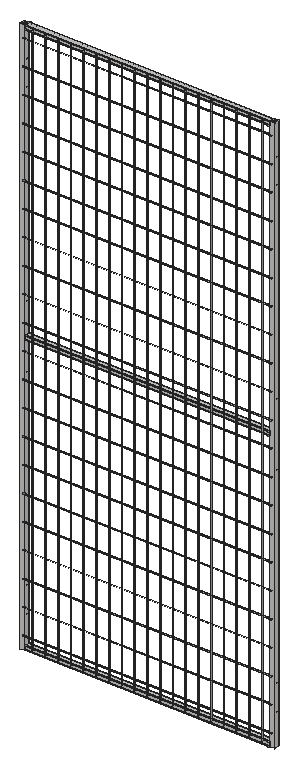
Revit family "conv_troax_wall_separator_ur300", category Möbel, Revit 2017
Family settings
  OmniClass-Nummer = 23.25.40.00
  OmniClass-Titel = Space Division Products
  Arbeitsebenenbasiert = Nein
  Immer vertikal = Ja
  Beim Laden mit Abzugskörper schneiden = Nein
  Gemeinsam genutzt = Nein
  Raumberechnungspunkt = Nein
Parameters (values of type "Mesh Panel UR 300 1000mm")
  WarrantyStartDate [instance] = "n/a"
  WarrantyGuarantorParts = "n/a"
  WarrantyGuarantorLabor = "n/a"
  WarrantyDurationUnit = "Year"
  WarrantyDurationParts = "n/a"
  WarrantyDurationLabor = "n/a"
  WarrantyDescription = "n/a"
  WallType = ur300 1000 : ur300 1000
  WallPanelMainMaterial = Steel, Carbon
  VersionDate = "09/11/2018"  # constant formula
  Version = "1"  # constant formula
  Uniclass2015Reference = "Pr_25_71_57_60"
  Uniclass2015Description = "Partition panels"
  Uniclass2 = "Pr_25_71_57_60"
  URL = "https://www.troax.com/warehouse-partitioning/warehouse-partitions-and-industrial-partitions#qt-related-product-index=1"
  Type Comments = ""
  TagNumber [instance] = "n/a"
  SustainabilityPerformance = "n/a"
  Size = "21x2200x1000 mm"
  Shape = "Sculptured"
  SerialNumber [instance] = "n/a"
  Revision = "n/a"
  ReplacementCost = "n/a"
  ProductInformation = "The UR300 panel system from Troax is a light-duty, modular mesh system that is suitable for creating added storage within a well protected environment. The system is ideal for creating inner partioning walls or roof within a secure storage application when used in conjunction with the Troax UX 350 & 450 panels."
  ProductDatasheet = "https://www.troax.com/sites/all/files/files/troax_-_ur_300_pp_-_2013-09-25_0.pdf"
  NominalWidth = 1000 mm
  NominalHeight = 2200 mm
  NominalDepth = 21 mm
  Name = "Wall_Separator_UR300_1000"
  NBSReference = "45-35-80/420"
  NBSDescription = "Panel partitions"
  ModelReference = "n/a"
  ModelNumber = "n/a"
  Material = "Carbon steel"
  ManufacturerURL = "https://www.troax.com/gb"
  ManufacturerName = "Troax"
  Modell = "Mesh Panel UR 300 1000mm"
  Hersteller = "Troax"
  MainColor = "Grey"
  InstallationDate [instance] = "n/a"
  IfcExportType = "FENCE"  # constant formula
  IfcExportAs = "IfcSystemFurnitureElementTypePanel"  # constant formula
  HasOpening = yes
  Grade = "n/a"
  FurniturePanelType = ""
  Finish = "Powder coated as standard with a grey RAL 7037 finish. However other RAL colors are available upon request. Panels can also be supplied hot dip galvanized for external use or in cold storage areas."
  Features = "Mesh panels can be modified on-site to fit any space; panels are constructed with a tubular welded frame that provides added strength; the system is fully demountable and relocatable"
  ExpectedLife = "n/a"
  DurationUnit = "Year"
  Beschreibung = "Troax Classic is an excellent choice of mesh partition for storage spaces in apartment buildings, cellars and attics that already have exterior protection or where there is a low risk of tampering. The mesh panels allow light and air to pass freely, and the opportunity to \"see around the corner\" gives a sense of security. It is also possible to quickly detect and extinguish any fires directly through the mesh partitions. The threshold-less door system is based on the same leaf as Troax Medium."
  Kosten = 0
  ConvergoRefNr = "0054-1811-0005-SE"
  Constituents = "Cut profile: various length to use after cut height on site; End profile UR/UX L=2200 to use after cut panel length on site; U-profile UR 19x19x2200 various length to use after cut on site"
  Color = "Grey"
  CodePerformance = "n/a"
  Barcode [instance] = "n/a"
  AssetIdentifier [instance] = "n/a"
  Category = "Mesh partitions"
  Brand = "Troax"
  Author = "Convergo AB"  # constant formula
  AssetType = "Fixed"
  AccessibilityPerformance = "n/a"
Types (8, lengths in mm): name | WallType | URL | Size | NominalWidth | NominalDepth | Name | ManufacturerURL | Modell | ConvergoRefNr
  (no name) | ur300 1000 : ur300 1000 | "https://www.troax.com/warehouse-partitioning/warehouse-partitions-and-industrial-partitions#qt-related-product-index=1" | "21x2200x1000 mm" | 1000 | 21 | "Wall_Separator_UR300_1000" | "https://www.troax.com/gb" | "Mesh Panel UR 300 1000mm" | "0054-1811-0005-SE"
  Mesh Panel UR 300 200mm | ur300 200 : ur300 200 | "https://www.troax.com/warehouse-partitioning/warehouse-partitions-and-industrial-partitions#qt-related-product-index=1" | "21x2200x200 mm" | 200 | 21 | "Wall_Separator_UR300_200" | "https://www.troax.com/gb" | "Mesh Panel UR 300 200mm" | "0054-1811-0001-SE"
  Mesh Panel UR 300 300mm | ur300 300 : ur300 300 | "https://www.troax.com/warehouse-partitioning/warehouse-partitions-and-industrial-partitions#qt-related-product-index=1" | "21x2200x300 mm" | 300 | 21 | "Wall_Separator_UR300_300" | "https://www.troax.com/gb" | "Mesh Panel UR 300 300mm" | "0054-1811-0002-SE"
  Mesh Panel UR 300 700mm | ur300 700 : ur300 700 | "https://www.troax.com/ro/warehouse-partitioning/warehouse-partitions-and-industrial-partitions#qt-related-product-index=1" | "21x2200x700 mm" | 700 | 21 | "Wall_Separator_UR300_700" | "https://www.troax.com/" | "Mesh Panel UR 300 700mm" | "0054-1811-0003-SE"
  Mesh Panel UR 300 800mm | ur300 800 : ur300 800 | "https://www.troax.com/warehouse-partitioning/warehouse-partitions-and-industrial-partitions#qt-related-product-index=1" | "21x2200x800 mm" | 800 | 21 | "Wall_Separator_UR300_800" | "https://www.troax.com/gb" | "Mesh Panel UR 300 800mm" | "0054-1811-0004-SE"
  Mesh Panel UR 300 1000mm | ur300 1000 : ur300 1000 | "https://www.troax.com/warehouse-partitioning/warehouse-partitions-and-industrial-partitions#qt-related-product-index=1" | "21x2200x1000 mm" | 1000 | 21 | "Wall_Separator_UR300_1000" | "https://www.troax.com/gb" | "Mesh Panel UR 300 1000mm" | "0054-1811-0005-SE"
  Mesh Panel UR 300 1200mm | ur300 1200 : ur300 1200 | "https://www.troax.com/warehouse-partitioning/warehouse-partitions-and-industrial-partitions#qt-related-product-index=1" | "21x2200x1200 mm" | 1200 | 21 | "Wall_Separator_UR300_1200" | "https://www.troax.com/gb" | "Mesh Panel UR 300 1200mm" | "0054-1811-0006-SE"
  Mesh Panel UR 300 1500mm | ur300 1500 : ur300 1500 | "https://www.troax.com/warehouse-partitioning/warehouse-partitions-and-industrial-partitions#qt-related-product-index=1" | "21x2200x1500 mm" | 1500 | 20.8 | "Wall_Separator_UR300_1500" | "https://www.troax.com/gb" | "Mesh Panel UR 300 1500mm" | "0054-1811-0007-SE"
Reference planes
  plane 1 "Center (Front/Back)": y = 0
  plane 2: z = 0
  plane 3 "Center (Left/Right)": x = 0
  plane 4: x = -500
  plane 5: x = 500
  plane 6: y = 10.8
  plane 7: y = -10.2
  plane 8: z = 2200
Dimensions and locks
  "NominalDepth": plane 6 to plane 7
  equal spacing: plane 4, plane 3 "Center (Left/Right)", plane 5
  "NominalWidth": plane 4 to plane 5
  "NominalHeight": plane 8 to level
  aligned and locked: level to plane 2
Nested families
  nested 1: "ur300 1000" at (0, 0.05, 0), type <- "WallType", MeshMaterial <- "WallPanelMainMaterial", type "ur300 1000"
    with MeshMaterial Steel, Carbon
Definition of nested family "ur300 1000"
  Parameters (values of type "ur300 1000")
    MeshMaterial [instance] = none
  Reference planes
    plane 1 "Center (Front/Back)": y = 0
    plane 2: z = 0
    plane 3 "Center (Left/Right)": x = 0
    plane 4: x = 500
    plane 5: x = -500
    plane 6: y = 10.75
    plane 7: y = -10
    plane 8: z = 2200
  Forms (mm)
    Extrusion 1, solid, material <- "MeshMaterial", detail levels medium+fine
      sketch origin (0, 0.7, 0) x (1, 0, 0) y (0, 1, 0)
        loop
          circle (-50, -9.45) r 1.25
        loop
          circle (0, -9.45) r 1.25
        loop
          circle (50, -9.45) r 1.25
        loop
          circle (-100, -9.45) r 1.25
        loop
          circle (100, -9.45) r 1.25
        loop
          circle (-150, -9.45) r 1.25
        loop
          circle (-200, -9.45) r 1.25
        loop
          circle (-250, -9.45) r 1.25
        loop
          circle (-300, -9.45) r 1.25
        loop
          circle (150, -9.45) r 1.25
        loop
          circle (200, -9.45) r 1.25
        loop
          circle (250, -9.45) r 1.25
        loop
          circle (300, -9.45) r 1.25
        loop
          circle (-350, -9.45) r 1.25
        loop
          circle (350, -9.45) r 1.25
        loop
          circle (-400, -9.45) r 1.25
        loop
          circle (-450, -9.45) r 1.25
        loop
          circle (400, -9.45) r 1.25
        loop
          circle (450, -9.45) r 1.25
      from 10 to 2190
    Extrusion 2, solid, material <- "MeshMaterial", detail levels medium+fine
      sketch origin (0, 0.7, 0) x (0, 1, 0) y (0, 0, 1)
        loop
          arc (-9.75, 2150) -> (-7.709, 2149.032) -> (-8.25, 2151.225) r 1.25
          arc (-8.25, 2151.225) -> (-9.291, 2150.968) -> (-9.75, 2150) r 1.25
        loop
          arc (-9.75, 2050) -> (-7.709, 2049.032) -> (-8.25, 2051.225) r 1.25
          arc (-8.25, 2051.225) -> (-9.291, 2050.968) -> (-9.75, 2050) r 1.25
        loop
          arc (-9.75, 1950) -> (-7.709, 1949.032) -> (-8.25, 1951.225) r 1.25
          arc (-8.25, 1951.225) -> (-9.291, 1950.968) -> (-9.75, 1950) r 1.25
        loop
          arc (-9.75, 1850) -> (-7.709, 1849.032) -> (-8.25, 1851.225) r 1.25
          arc (-8.25, 1851.225) -> (-9.291, 1850.968) -> (-9.75, 1850) r 1.25
        loop
          arc (-9.75, 1750) -> (-7.709, 1749.032) -> (-8.25, 1751.225) r 1.25
          arc (-8.25, 1751.225) -> (-9.291, 1750.968) -> (-9.75, 1750) r 1.25
        loop
          arc (-9.75, 1650) -> (-7.709, 1649.032) -> (-8.25, 1651.225) r 1.25
          arc (-8.25, 1651.225) -> (-9.291, 1650.968) -> (-9.75, 1650) r 1.25
        loop
          arc (-9.75, 1550) -> (-7.709, 1549.032) -> (-8.25, 1551.225) r 1.25
          arc (-8.25, 1551.225) -> (-9.291, 1550.968) -> (-9.75, 1550) r 1.25
        loop
          arc (-9.75, 1450) -> (-7.709, 1449.032) -> (-8.25, 1451.225) r 1.25
          arc (-8.25, 1451.225) -> (-9.291, 1450.968) -> (-9.75, 1450) r 1.25
        loop
          arc (-9.75, 1350) -> (-7.709, 1349.032) -> (-8.25, 1351.225) r 1.25
          arc (-8.25, 1351.225) -> (-9.291, 1350.968) -> (-9.75, 1350) r 1.25
        loop
          arc (-9.75, 1250) -> (-7.709, 1249.032) -> (-8.25, 1251.225) r 1.25
          arc (-8.25, 1251.225) -> (-9.291, 1250.968) -> (-9.75, 1250) r 1.25
        loop
          arc (-9.75, 1150) -> (-7.709, 1149.032) -> (-8.25, 1151.225) r 1.25
          arc (-8.25, 1151.225) -> (-9.291, 1150.968) -> (-9.75, 1150) r 1.25
        loop
          arc (-9.75, 1050) -> (-7.709, 1049.032) -> (-8.25, 1051.225) r 1.25
          arc (-8.25, 1051.225) -> (-9.291, 1050.968) -> (-9.75, 1050) r 1.25
        loop
          arc (-9.75, 950) -> (-7.709, 949.032) -> (-8.25, 951.225) r 1.25
          arc (-8.25, 951.225) -> (-9.291, 950.968) -> (-9.75, 950) r 1.25
        loop
          arc (-9.75, 850) -> (-7.709, 849.032) -> (-8.25, 851.225) r 1.25
          arc (-8.25, 851.225) -> (-9.291, 850.968) -> (-9.75, 850) r 1.25
        loop
          arc (-9.75, 750) -> (-7.709, 749.032) -> (-8.25, 751.225) r 1.25
          arc (-8.25, 751.225) -> (-9.291, 750.968) -> (-9.75, 750) r 1.25
        loop
          arc (-9.75, 650) -> (-7.709, 649.032) -> (-8.25, 651.225) r 1.25
          arc (-8.25, 651.225) -> (-9.291, 650.968) -> (-9.75, 650) r 1.25
        loop
          arc (-9.75, 550) -> (-7.709, 549.032) -> (-8.25, 551.225) r 1.25
          arc (-8.25, 551.225) -> (-9.291, 550.968) -> (-9.75, 550) r 1.25
        loop
          arc (-9.75, 450) -> (-7.709, 449.032) -> (-8.25, 451.225) r 1.25
          arc (-8.25, 451.225) -> (-9.291, 450.968) -> (-9.75, 450) r 1.25
        loop
          arc (-9.75, 350) -> (-7.709, 349.032) -> (-8.25, 351.225) r 1.25
          arc (-8.25, 351.225) -> (-9.291, 350.968) -> (-9.75, 350) r 1.25
        loop
          arc (-9.75, 250) -> (-7.709, 249.032) -> (-8.25, 251.225) r 1.25
          arc (-8.25, 251.225) -> (-9.291, 250.968) -> (-9.75, 250) r 1.25
        loop
          arc (-9.75, 150) -> (-7.709, 149.032) -> (-8.25, 151.225) r 1.25
          arc (-8.25, 151.225) -> (-9.291, 150.968) -> (-9.75, 150) r 1.25
        loop
          arc (-9.75, 50) -> (-7.709, 49.032) -> (-8.25, 51.225) r 1.25
          arc (-8.25, 51.225) -> (-9.291, 50.968) -> (-9.75, 50) r 1.25
      from -490 to 490
    Extrusion 3, solid, material <- "MeshMaterial", detail levels medium+fine
      sketch origin (-400, 0, 0) x (1, 0, 0) y (0, 1, 0)
        loop
          line (-100, 9.45) -> (-100, -6.95)
          arc (-100, -6.95) -> (-99.619, -7.869) -> (-98.7, -8.25) r 1.3
          line (-98.7, -8.25) -> (-82.3, -8.25)
          arc (-82.3, -8.25) -> (-81.381, -7.869) -> (-81, -6.95) r 1.3
          line (-81, -6.95) -> (-81, 9.45)
          arc (-81, 9.45) -> (-81.381, 10.369) -> (-82.3, 10.75) r 1.3
          line (-82.3, 10.75) -> (-98.7, 10.75)
          arc (-98.7, 10.75) -> (-99.619, 10.369) -> (-100, 9.45) r 1.3
        loop
          line (-82, 9.75) -> (-99, 9.75) -> (-99, -7.25) -> (-82, -7.25) -> (-82, 9.75)
      from 0 to 2200
    Extrusion 4, solid, material <- "MeshMaterial", detail levels medium+fine
      sketch origin (0, 0, -1090.5) x (0, 1, 0) y (0, 0, 1)
        loop
          line (9.45, 2200) -> (-7.05, 2200)
          arc (-7.05, 2200) -> (-8.263, 2198.25) -> (-7.05, 2196.5) r 1.869
          line (-7.05, 2196.5) -> (-7.05, 2184.5)
          arc (-7.05, 2184.5) -> (-8.251, 2182.75) -> (-7.05, 2181) r 1.875
          line (-7.05, 2181) -> (9.45, 2181)
          arc (9.45, 2181) -> (10.369, 2181.381) -> (10.75, 2182.3) r 1.3
          line (10.75, 2182.3) -> (10.75, 2198.7)
          arc (10.75, 2198.7) -> (10.369, 2199.619) -> (9.45, 2200) r 1.3
        loop
          line (9.75, 2182) -> (9.75, 2199) -> (-6.05, 2199) -> (-6.05, 2182) -> (9.75, 2182)
      from -481 to 481
    Extrusion 5, solid, material <- "MeshMaterial", detail levels medium+fine
      sketch origin (0, 0, 0) x (0, 1, 0) y (0, 0, 1)
        loop
          line (9.45, 2200) -> (-7.05, 2200)
          arc (-7.05, 2200) -> (-8.263, 2198.25) -> (-7.05, 2196.5) r 1.869
          line (-7.05, 2196.5) -> (-7.05, 2184.5)
          arc (-7.05, 2184.5) -> (-8.251, 2182.75) -> (-7.05, 2181) r 1.875
          line (-7.05, 2181) -> (9.45, 2181)
          arc (9.45, 2181) -> (10.369, 2181.381) -> (10.75, 2182.3) r 1.3
          line (10.75, 2182.3) -> (10.75, 2198.7)
          arc (10.75, 2198.7) -> (10.369, 2199.619) -> (9.45, 2200) r 1.3
        loop
          line (9.75, 2182) -> (9.75, 2199) -> (-6.05, 2199) -> (-6.05, 2182) -> (9.75, 2182)
      from -481 to 481
    Extrusion 6, solid, material <- "MeshMaterial", detail levels medium+fine
      sketch origin (0, 0, -2181) x (0, 1, 0) y (0, 0, 1)
        loop
          line (9.45, 2200) -> (-7.05, 2200)
          arc (-7.05, 2200) -> (-8.263, 2198.25) -> (-7.05, 2196.5) r 1.869
          line (-7.05, 2196.5) -> (-7.05, 2184.5)
          arc (-7.05, 2184.5) -> (-8.251, 2182.75) -> (-7.05, 2181) r 1.875
          line (-7.05, 2181) -> (9.45, 2181)
          arc (9.45, 2181) -> (10.369, 2181.381) -> (10.75, 2182.3) r 1.3
          line (10.75, 2182.3) -> (10.75, 2198.7)
          arc (10.75, 2198.7) -> (10.369, 2199.619) -> (9.45, 2200) r 1.3
        loop
          line (9.75, 2182) -> (9.75, 2199) -> (-6.05, 2199) -> (-6.05, 2182) -> (9.75, 2182)
      from -481 to 481
    Extrusion 7, solid, material <- "MeshMaterial", detail levels coarse
      sketch origin (0, 0, 0) x (1, 0, 0) y (0, 1, 0)
        loop
          line (-500, -10) -> (500, -10) -> (500, 10.75) -> (-500, 10.75) -> (-500, -10)
      from 0 to 2200
    Extrusion 8, solid, material <- "MeshMaterial", detail levels medium+fine
      sketch origin (400, 0, 0) x (-1, 0, 0) y (0, -1, 0)
        loop
          arc (-100, -9.45) -> (-99.619, -10.369) -> (-98.7, -10.75) r 1.3
          line (-98.7, -10.75) -> (-82.3, -10.75)
          arc (-82.3, -10.75) -> (-81.381, -10.369) -> (-81, -9.45) r 1.3
          line (-81, -9.45) -> (-81, 6.95)
          arc (-81, 6.95) -> (-81.381, 7.869) -> (-82.3, 8.25) r 1.3
          line (-82.3, 8.25) -> (-98.7, 8.25)
          arc (-98.7, 8.25) -> (-99.619, 7.869) -> (-100, 6.95) r 1.3
          line (-100, 6.95) -> (-100, -9.45)
        loop
          line (-82, -9.75) -> (-82, 7.25) -> (-99, 7.25) -> (-99, -9.75) -> (-82, -9.75)
      from 0 to 2200
    Extrusion 9, void
      sketch origin (0, 0, 0) x (0, 1, 0) y (0, 0, 1)
        loop
          circle (1.25, 2075) r 5
        loop
          circle (1.25, 1975) r 5
        loop
          circle (1.25, 1225) r 5
        loop
          circle (1.25, 975) r 5
        loop
          circle (1.25, 225) r 5
        loop
          circle (1.25, 125) r 5
      from -1949.263 to 1680.383
  Cuts and joins
    Extrusion 9 cuts Extrusion 3
    Extrusion 9 cuts Extrusion 8
  Lines and regions (mm)
    symbolic lines, detail levels fine
      curve 1: line (-500, 9.45, 0) -> (-500, -6.95, 0)
      curve 2: arc (-498.7, 10.75, 0) -> (-499.619, 10.369, 0) -> (-500, 9.45, 0) r 1.3
      curve 3: line (-482.3, 10.75, 0) -> (-498.7, 10.75, 0)
      curve 4: arc (-481, 9.45, 0) -> (-481.381, 10.369, 0) -> (-482.3, 10.75, 0) r 1.3
      curve 5: line (-481, 9.45, 0) -> (-481, 10.75, 0)
      curve 6: arc (-500, -6.95, 0) -> (-499.619, -7.869, 0) -> (-498.7, -8.25, 0) r 1.3
      curve 7: line (-498.7, -8.25, 0) -> (-490, -8.25, 0)
      curve 8: line (-490, -9.05, 0) -> (-451.225, -9.05, 0)
      curve 9: arc (-51.225, -9.05, 0) -> (-50.001, -10, 0) -> (-48.776, -9.053, 0) r 1.265
      curve 10: line (-48.776, -9.053, 0) -> (-1.224, -9.053, 0)
      curve 11: arc (-1.224, -9.053, 0) -> (0, -10, 0) -> (1.224, -9.053, 0) r 1.265
      curve 12: line (500, 9.45, 0) -> (500, -6.95, 0)
      curve 13: arc (498.7, 10.75, 0) -> (499.619, 10.369, 0) -> (500, 9.45, 0) r 1.3
      curve 14: line (482.3, 10.75, 0) -> (498.7, 10.75, 0)
      curve 15: arc (481, 9.45, 0) -> (481.381, 10.369, 0) -> (482.3, 10.75, 0) r 1.3
      curve 16: line (481, 9.45, 0) -> (481, 10.75, 0)
      curve 17: arc (500, -6.95, 0) -> (499.619, -7.869, 0) -> (498.7, -8.25, 0) r 1.3
      curve 18: line (498.7, -8.25, 0) -> (490, -8.25, 0)
      curve 19: line (490, -9.05, 0) -> (451.225, -9.05, 0)
      curve 20: arc (51.225, -9.05, 0) -> (50.001, -10, 0) -> (48.776, -9.053, 0) r 1.265
      curve 21: line (48.776, -9.053, 0) -> (1.224, -9.053, 0)
      curve 22: line (-481, 10.75, 0) -> (481, 10.75, 0)
      curve 23: line (-499, -7.25, 0) -> (-499, 9.75, 0)
      curve 24: line (-499, 9.75, 0) -> (-482, 9.75, 0)
      curve 25: line (-482, 9.75, 0) -> (-482, -7.25, 0)
      curve 26: line (-482, -7.25, 0) -> (-499, -7.25, 0)
      curve 27: line (-490, -8.25, 0) -> (-482.3, -8.25, 0)
      curve 28: arc (-482.3, -8.25, 0) -> (-481.381, -7.869, 0) -> (-481, -6.95, 0) r 1.3
      curve 29: line (-481, -6.95, 0) -> (-481, 9.45, 0)
      curve 30: line (482, -7.25, 0) -> (482, 9.75, 0)
      curve 31: line (482, 9.75, 0) -> (499, 9.75, 0)
      curve 32: line (499, 9.75, 0) -> (499, -7.25, 0)
      curve 33: line (499, -7.25, 0) -> (482, -7.25, 0)
      curve 34: line (481, 9.45, 0) -> (481, -7, 0)
      curve 35: arc (481, -7, 0) -> (481.366, -7.884, 0) -> (482.25, -8.25, 0) r 1.25
      curve 36: line (490, -8.25, 0) -> (482.25, -8.25, 0)
      curve 37: arc (98.775, -9.05, 0) -> (99.999, -10, 0) -> (101.224, -9.053, 0) r 1.265
      curve 38: line (98.775, -9.05, 0) -> (51.225, -9.05, 0)
      curve 39: arc (-98.775, -9.05, 0) -> (-99.999, -10, 0) -> (-101.224, -9.053, 0) r 1.265
      curve 40: line (-98.775, -9.05, 0) -> (-51.225, -9.05, 0)
      curve 41: arc (-151.225, -9.05, 0) -> (-150.001, -10, 0) -> (-148.776, -9.053, 0) r 1.265
      curve 42: line (-148.776, -9.053, 0) -> (-101.224, -9.053, 0)
      curve 43: arc (-198.775, -9.05, 0) -> (-199.999, -10, 0) -> (-201.224, -9.053, 0) r 1.265
      curve 44: line (-198.775, -9.05, 0) -> (-151.225, -9.05, 0)
      curve 45: arc (-251.225, -9.05, 0) -> (-250.001, -10, 0) -> (-248.776, -9.053, 0) r 1.265
      curve 46: line (-248.776, -9.053, 0) -> (-201.224, -9.053, 0)
      curve 47: arc (-298.775, -9.05, 0) -> (-300, -10, 0) -> (-301.225, -9.05, 0) r 1.265
      curve 48: line (-298.775, -9.05, 0) -> (-251.225, -9.05, 0)
      curve 49: arc (151.225, -9.05, 0) -> (150.001, -10, 0) -> (148.776, -9.053, 0) r 1.265
      curve 50: line (148.776, -9.053, 0) -> (101.224, -9.053, 0)
      curve 51: arc (198.775, -9.05, 0) -> (199.999, -10, 0) -> (201.224, -9.053, 0) r 1.265
      curve 52: line (198.775, -9.05, 0) -> (151.225, -9.05, 0)
      curve 53: arc (251.225, -9.05, 0) -> (250.001, -10, 0) -> (248.776, -9.053, 0) r 1.265
      curve 54: line (248.776, -9.053, 0) -> (201.224, -9.053, 0)
      curve 55: arc (298.775, -9.05, 0) -> (300, -10, 0) -> (301.225, -9.05, 0) r 1.265
      curve 56: line (298.775, -9.05, 0) -> (251.225, -9.05, 0)
      curve 57: arc (-348.775, -9.05, 0) -> (-350, -10, 0) -> (-351.225, -9.05, 0) r 1.265
      curve 58: line (-348.775, -9.05, 0) -> (-301.225, -9.05, 0)
      curve 59: arc (348.775, -9.05, 0) -> (350, -10, 0) -> (351.225, -9.05, 0) r 1.265
      curve 60: line (348.775, -9.05, 0) -> (301.225, -9.05, 0)
      curve 61: arc (-398.775, -9.05, 0) -> (-400, -10, 0) -> (-401.225, -9.05, 0) r 1.265
      curve 62: line (-398.775, -9.05, 0) -> (-351.225, -9.05, 0)
      curve 63: arc (-448.775, -9.05, 0) -> (-450, -10, 0) -> (-451.225, -9.05, 0) r 1.265
      curve 64: line (-448.775, -9.05, 0) -> (-401.225, -9.05, 0)
      curve 65: arc (398.775, -9.05, 0) -> (400, -10, 0) -> (401.225, -9.05, 0) r 1.265
      curve 66: line (398.775, -9.05, 0) -> (351.225, -9.05, 0)
      curve 67: arc (448.775, -9.05, 0) -> (450, -10, 0) -> (451.225, -9.05, 0) r 1.265
      curve 68: line (448.775, -9.05, 0) -> (401.225, -9.05, 0)
      curve 69: line (-490, -8.25, 0) -> (-490, -9.05, 0)
      curve 70: line (490, -8.25, 0) -> (490, -9.05, 0)
      curve 71: line (-490, -7.25, 0) -> (-490, -6.45, 0)
      curve 72: line (-490, -6.45, 0) -> (-482, -6.45, 0)
      curve 73: line (-481, -8.25, 0) -> (481, -8.25, 0)
      curve 74: line (-481, -6.95, 0) -> (-481, -8.25, 0)
      curve 75: line (481, -7, 0) -> (481, -8.25, 0)
      curve 76: line (490, -7.25, 0) -> (490, -6.45, 0)
      curve 77: line (490, -6.45, 0) -> (482, -6.45, 0)
      curve 78: arc (-451.146, -8.25, 0) -> (-451.246, -8.645, 0) -> (-451.213, -9.05, 0) r 1.25
      curve 79: arc (-401.146, -8.25, 0) -> (-401.246, -8.645, 0) -> (-401.213, -9.05, 0) r 1.25
      curve 80: arc (-398.854, -8.25, 0) -> (-398.754, -8.645, 0) -> (-398.787, -9.05, 0) r 1.25
      curve 81: arc (-351.146, -8.25, 0) -> (-351.246, -8.645, 0) -> (-351.213, -9.05, 0) r 1.25
      curve 82: arc (-348.854, -8.25, 0) -> (-348.754, -8.645, 0) -> (-348.787, -9.05, 0) r 1.25
      curve 83: arc (-301.146, -8.25, 0) -> (-301.246, -8.645, 0) -> (-301.213, -9.05, 0) r 1.25
      curve 84: arc (-298.854, -8.25, 0) -> (-298.754, -8.645, 0) -> (-298.787, -9.05, 0) r 1.25
      curve 85: arc (-251.146, -8.25, 0) -> (-251.246, -8.645, 0) -> (-251.213, -9.05, 0) r 1.25
      curve 86: arc (-248.854, -8.25, 0) -> (-248.754, -8.645, 0) -> (-248.787, -9.05, 0) r 1.25
      curve 87: arc (-201.146, -8.25, 0) -> (-201.246, -8.645, 0) -> (-201.213, -9.05, 0) r 1.25
      curve 88: arc (-198.854, -8.25, 0) -> (-198.754, -8.645, 0) -> (-198.787, -9.05, 0) r 1.25
      curve 89: arc (-151.146, -8.25, 0) -> (-151.246, -8.645, 0) -> (-151.213, -9.05, 0) r 1.25
      curve 90: arc (-148.854, -8.25, 0) -> (-148.754, -8.645, 0) -> (-148.787, -9.05, 0) r 1.25
      curve 91: arc (-101.146, -8.25, 0) -> (-101.246, -8.645, 0) -> (-101.213, -9.05, 0) r 1.25
      curve 92: arc (-98.854, -8.25, 0) -> (-98.754, -8.645, 0) -> (-98.787, -9.05, 0) r 1.25
      curve 93: arc (-51.146, -8.25, 0) -> (-51.246, -8.645, 0) -> (-51.213, -9.05, 0) r 1.25
      curve 94: arc (-48.854, -8.25, 0) -> (-48.754, -8.645, 0) -> (-48.787, -9.05, 0) r 1.25
      curve 95: arc (-1.146, -8.25, 0) -> (-1.246, -8.645, 0) -> (-1.213, -9.05, 0) r 1.25
      curve 96: arc (1.146, -8.25, 0) -> (1.246, -8.645, 0) -> (1.213, -9.05, 0) r 1.25
      curve 97: arc (48.854, -8.25, 0) -> (48.754, -8.645, 0) -> (48.787, -9.05, 0) r 1.25
      curve 98: arc (51.146, -8.25, 0) -> (51.246, -8.645, 0) -> (51.213, -9.05, 0) r 1.25
      curve 99: arc (98.854, -8.25, 0) -> (98.754, -8.645, 0) -> (98.787, -9.05, 0) r 1.25
      curve 100: arc (101.146, -8.25, 0) -> (101.246, -8.645, 0) -> (101.213, -9.05, 0) r 1.25
      curve 101: arc (148.854, -8.25, 0) -> (148.754, -8.645, 0) -> (148.787, -9.05, 0) r 1.25
      curve 102: arc (151.146, -8.25, 0) -> (151.246, -8.645, 0) -> (151.213, -9.05, 0) r 1.25
      curve 103: arc (198.854, -8.25, 0) -> (198.754, -8.645, 0) -> (198.787, -9.05, 0) r 1.25
      curve 104: arc (201.146, -8.25, 0) -> (201.246, -8.645, 0) -> (201.213, -9.05, 0) r 1.25
      curve 105: arc (248.854, -8.25, 0) -> (248.754, -8.645, 0) -> (248.787, -9.05, 0) r 1.25
      curve 106: arc (251.146, -8.25, 0) -> (251.246, -8.645, 0) -> (251.213, -9.05, 0) r 1.25
      curve 107: arc (298.854, -8.25, 0) -> (298.754, -8.645, 0) -> (298.787, -9.05, 0) r 1.25
      curve 108: arc (301.146, -8.25, 0) -> (301.246, -8.645, 0) -> (301.213, -9.05, 0) r 1.25
      curve 109: arc (348.854, -8.25, 0) -> (348.754, -8.645, 0) -> (348.787, -9.05, 0) r 1.25
      curve 110: arc (351.146, -8.25, 0) -> (351.246, -8.645, 0) -> (351.213, -9.05, 0) r 1.25
      curve 111: arc (398.854, -8.25, 0) -> (398.754, -8.645, 0) -> (398.787, -9.05, 0) r 1.25
      curve 112: arc (401.146, -8.25, 0) -> (401.246, -8.645, 0) -> (401.213, -9.05, 0) r 1.25
      curve 113: arc (448.854, -8.25, 0) -> (448.754, -8.645, 0) -> (448.787, -9.05, 0) r 1.25
      curve 114: arc (451.146, -8.25, 0) -> (451.246, -8.645, 0) -> (451.213, -9.05, 0) r 1.25
      curve 115: arc (-448.854, -8.25, 0) -> (-448.754, -8.645, 0) -> (-448.787, -9.05, 0) r 1.25
      curve 128: line (0, -8.25, 2190) -> (0, -8.25, 10)
      curve 129: arc (0, 6.25, 2075) -> (0, 1.25, 2080) -> (0, -3.75, 2075) r 5
      curve 130: arc (0, -3.75, 2075) -> (0, 1.25, 2070) -> (0, 6.25, 2075) r 5
      curve 131: arc (0, 6.25, 1975) -> (0, 1.25, 1980) -> (0, -3.75, 1975) r 5
      curve 132: arc (0, -3.75, 1975) -> (0, 1.25, 1970) -> (0, 6.25, 1975) r 5
      curve 133: arc (0, 6.25, 1225) -> (0, 1.25, 1230) -> (0, -3.75, 1225) r 5
      curve 134: arc (0, -3.75, 1225) -> (0, 1.25, 1220) -> (0, 6.25, 1225) r 5
      curve 135: arc (0, -3.75, 975) -> (0, 1.25, 970) -> (0, 6.25, 975) r 5
      curve 136: arc (0, 6.25, 975) -> (0, 1.25, 980) -> (0, -3.75, 975) r 5
      curve 137: arc (0, 6.25, 225) -> (0, 1.25, 230) -> (0, -3.75, 225) r 5
      curve 138: arc (0, -3.75, 225) -> (0, 1.25, 220) -> (0, 6.25, 225) r 5
      curve 139: arc (0, 6.25, 125) -> (0, 1.25, 130) -> (0, -3.75, 125) r 5
      curve 140: arc (0, -3.75, 125) -> (0, 1.25, 120) -> (0, 6.25, 125) r 5
      curve 141: arc (0, -8.25, 51.146) -> (0, -9, 50) -> (0, -8.25, 48.854) r 1.25
      curve 142: arc (0, -8.25, 101.146) -> (0, -9, 100) -> (0, -8.25, 98.854) r 1.25
      curve 143: arc (0, -8.25, 151.146) -> (0, -9, 150) -> (0, -8.25, 148.854) r 1.25
      curve 144: arc (0, -8.25, 201.146) -> (0, -9, 200) -> (0, -8.25, 198.854) r 1.25
      curve 145: arc (0, -8.25, 251.146) -> (0, -9, 250) -> (0, -8.25, 248.854) r 1.25
      curve 146: arc (0, -8.25, 301.146) -> (0, -9, 300) -> (0, -8.25, 298.854) r 1.25
      curve 147: arc (0, -8.25, 351.146) -> (0, -9, 350) -> (0, -8.25, 348.854) r 1.25
      curve 148: arc (0, -8.25, 401.146) -> (0, -9, 400) -> (0, -8.25, 398.854) r 1.25
      curve 149: arc (0, -8.25, 451.146) -> (0, -9, 450) -> (0, -8.25, 448.854) r 1.25
      curve 150: arc (0, -8.25, 501.146) -> (0, -9, 500) -> (0, -8.25, 498.854) r 1.25
      curve 151: arc (0, -8.25, 551.146) -> (0, -9, 550) -> (0, -8.25, 548.854) r 1.25
      curve 152: arc (0, -8.25, 601.146) -> (0, -9, 600) -> (0, -8.25, 598.854) r 1.25
      curve 153: arc (0, -8.25, 651.146) -> (0, -9, 650) -> (0, -8.25, 648.854) r 1.25
      curve 154: arc (0, -8.25, 701.146) -> (0, -9, 700) -> (0, -8.25, 698.854) r 1.25
      curve 155: arc (0, -8.25, 751.146) -> (0, -9, 750) -> (0, -8.25, 748.854) r 1.25
      curve 156: arc (0, -8.25, 801.146) -> (0, -9, 800) -> (0, -8.25, 798.854) r 1.25
      curve 157: arc (0, -8.25, 851.146) -> (0, -9, 850) -> (0, -8.25, 848.854) r 1.25
      curve 158: arc (0, -8.25, 901.146) -> (0, -9, 900) -> (0, -8.25, 898.854) r 1.25
      curve 159: arc (0, -8.25, 951.146) -> (0, -9, 950) -> (0, -8.25, 948.854) r 1.25
      curve 160: arc (0, -8.25, 1001.146) -> (0, -9, 1000) -> (0, -8.25, 998.854) r 1.25
      curve 161: arc (0, -8.25, 1051.146) -> (0, -9, 1050) -> (0, -8.25, 1048.854) r 1.25
      curve 162: arc (0, -8.25, 1151.146) -> (0, -9, 1150) -> (0, -8.25, 1148.854) r 1.25
      curve 163: arc (0, -8.25, 1201.146) -> (0, -9, 1200) -> (0, -8.25, 1198.854) r 1.25
      curve 164: arc (0, -8.25, 1251.146) -> (0, -9, 1250) -> (0, -8.25, 1248.854) r 1.25
      curve 165: arc (0, -8.25, 1301.146) -> (0, -9, 1300) -> (0, -8.25, 1298.854) r 1.25
      curve 166: arc (0, -8.25, 1351.146) -> (0, -9, 1350) -> (0, -8.25, 1348.854) r 1.25
      curve 167: arc (0, -8.25, 1401.146) -> (0, -9, 1400) -> (0, -8.25, 1398.854) r 1.25
      curve 168: arc (0, -8.25, 1451.146) -> (0, -9, 1450) -> (0, -8.25, 1448.854) r 1.25
      curve 169: arc (0, -8.25, 1501.146) -> (0, -9, 1500) -> (0, -8.25, 1498.854) r 1.25
      curve 170: arc (0, -8.25, 1551.146) -> (0, -9, 1550) -> (0, -8.25, 1548.854) r 1.25
      curve 171: arc (0, -8.25, 1601.146) -> (0, -9, 1600) -> (0, -8.25, 1598.854) r 1.25
      curve 172: arc (0, -8.25, 1701.146) -> (0, -9, 1700) -> (0, -8.25, 1698.854) r 1.25
      curve 173: arc (0, -8.25, 1751.146) -> (0, -9, 1750) -> (0, -8.25, 1748.854) r 1.25
      curve 174: arc (0, -8.25, 1801.146) -> (0, -9, 1800) -> (0, -8.25, 1798.854) r 1.25
      curve 175: arc (0, -8.25, 1851.146) -> (0, -9, 1850) -> (0, -8.25, 1848.854) r 1.25
      curve 176: arc (0, -8.25, 1901.146) -> (0, -9, 1900) -> (0, -8.25, 1898.854) r 1.25
      curve 177: arc (0, -8.25, 1951.146) -> (0, -9, 1950) -> (0, -8.25, 1948.854) r 1.25
      curve 178: arc (0, -8.25, 2001.146) -> (0, -9, 2000) -> (0, -8.25, 1998.854) r 1.25
      curve 179: arc (0, -8.25, 2051.146) -> (0, -9, 2050) -> (0, -8.25, 2048.854) r 1.25
      curve 180: arc (0, -8.25, 2101.146) -> (0, -9, 2100) -> (0, -8.25, 2098.854) r 1.25
      curve 181: arc (0, -8.25, 2151.146) -> (0, -9, 2150) -> (0, -8.25, 2148.854) r 1.25
      curve 182: arc (0, -8.25, 1651.146) -> (0, -9, 1650) -> (0, -8.25, 1648.854) r 1.25
      curve 187: line (-481, 0, 3.5) -> (481, 0, 3.5)
      curve 188: line (-481, 0, 48.75) -> (-481, 0, 0)
      curve 189: line (-481, 0, 2196.5) -> (481, 0, 2196.5)
      curve 190: line (481, 0, 2200) -> (481, 0, 0)
      curve 191: line (-481, 0, 2200) -> (-481, 0, 0)
      curve 192: line (-481, 0, 2181) -> (481, 0, 2181)
      curve 193: line (-481, 0, 2184.5) -> (481, 0, 2184.5)
      curve 194: line (-450, 0, 2190) -> (-450, 0, 10)
      curve 195: line (-400, 0, 2190) -> (-400, 0, 10)
      curve 196: line (-350, 0, 2190) -> (-350, 0, 10)
      curve 197: line (-300, 0, 2190) -> (-300, 0, 10)
      curve 198: line (-250, 0, 2190) -> (-250, 0, 10)
      curve 199: line (-200, 0, 2190) -> (-200, 0, 10)
      curve 200: line (-150, 0, 2190) -> (-150, 0, 10)
      curve 201: line (-100, 0, 2190) -> (-100, 0, 10)
      curve 202: line (-50, 0, 2190) -> (-50, 0, 10)
      curve 203: line (450, 0, 2190) -> (450, 0, 10)
      curve 204: line (400, 0, 2190) -> (400, 0, 10)
      curve 205: line (350, 0, 2190) -> (350, 0, 10)
      curve 206: line (300, 0, 2190) -> (300, 0, 10)
      curve 207: line (250, 0, 2190) -> (250, 0, 10)
      curve 208: line (200, 0, 2190) -> (200, 0, 10)
      curve 209: line (150, 0, 2190) -> (150, 0, 10)
      curve 210: line (100, 0, 2190) -> (100, 0, 10)
      curve 211: line (50, 0, 2190) -> (50, 0, 10)
      curve 212: line (0, 0, 2190) -> (0, 0, 10)
      curve 213: line (481, 0, 15.5) -> (-481, 0, 15.5)
      curve 214: line (481, 0, 19) -> (-481, 0, 19)
      curve 215: line (-490, 0, 50) -> (490, 0, 50)
      curve 216: line (481, 0, 1109.5) -> (-481, 0, 1109.5)
      curve 217: line (481, 0, 1106) -> (-481, 0, 1106)
      curve 218: line (-481, 0, 1094) -> (481, 0, 1094)
      curve 219: line (-481, 0, 1090.5) -> (481, 0, 1090.5)
      curve 220: line (-490, 0, 150) -> (490, 0, 150)
      curve 221: line (-490, 0, 250) -> (490, 0, 250)
      curve 222: line (-490, 0, 350) -> (490, 0, 350)
      curve 223: line (-490, 0, 450) -> (490, 0, 450)
      curve 224: line (-490, 0, 550) -> (490, 0, 550)
      curve 225: line (-490, 0, 650) -> (490, 0, 650)
      curve 226: line (-490, 0, 750) -> (490, 0, 750)
      curve 227: line (-490, 0, 850) -> (490, 0, 850)
      curve 228: line (-490, 0, 950) -> (490, 0, 950)
      curve 229: line (-490, 0, 1050) -> (490, 0, 1050)
      curve 230: line (-490, 0, 1150) -> (490, 0, 1150)
      curve 231: line (-490, 0, 1250) -> (490, 0, 1250)
      curve 232: line (-490, 0, 1350) -> (490, 0, 1350)
      curve 233: line (-490, 0, 1450) -> (490, 0, 1450)
      curve 234: line (-490, 0, 1550) -> (490, 0, 1550)
      curve 235: line (-490, 0, 1650) -> (490, 0, 1650)
      curve 236: line (-490, 0, 1750) -> (490, 0, 1750)
      curve 237: line (-490, 0, 1850) -> (490, 0, 1850)
      curve 238: line (-490, 0, 1950) -> (490, 0, 1950)
      curve 239: line (-490, 0, 2050) -> (490, 0, 2050)
      curve 240: line (-490, 0, 2150) -> (490, 0, 2150)
    symbolic lines, detail levels medium
      curve 116: line (-500, 10.75, 0) -> (500, 10.75, 0)
      curve 117: line (-500, -10, 0) -> (-500, 10.75, 0)
      curve 118: line (500, -10, 0) -> (-500, -10, 0)
      curve 119: line (500, 10.75, 0) -> (500, -10, 0)
    symbolic lines, detail levels medium+fine
      curve 120: line (0, 10.75, 2200) -> (0, 10.75, 0)
      curve 121: line (0, 10.75, 0) -> (0, -8.25, 0)
      curve 122: line (0, -8.25, 0) -> (0, -8.25, 10)
      curve 123: line (0, -8.25, 10) -> (0, -10, 10)
      curve 124: line (0, -10, 10) -> (0, -10, 2190)
      curve 125: line (0, -10, 2190) -> (0, -8.25, 2190)
      curve 126: line (0, -8.25, 2190) -> (0, -8.25, 2200)
      curve 127: line (0, -8.25, 2200) -> (0, 10.75, 2200)
      curve 183: line (-500, 0, 2200) -> (500, 0, 2200)
      curve 184: line (-500, 0, 0) -> (-500, 0, 2200)
      curve 185: line (500, 0, 0) -> (-500, 0, 0)
      curve 186: line (500, 0, 2200) -> (500, 0, 0)
  Dimensions and locks
    aligned and locked: level to plane 2
